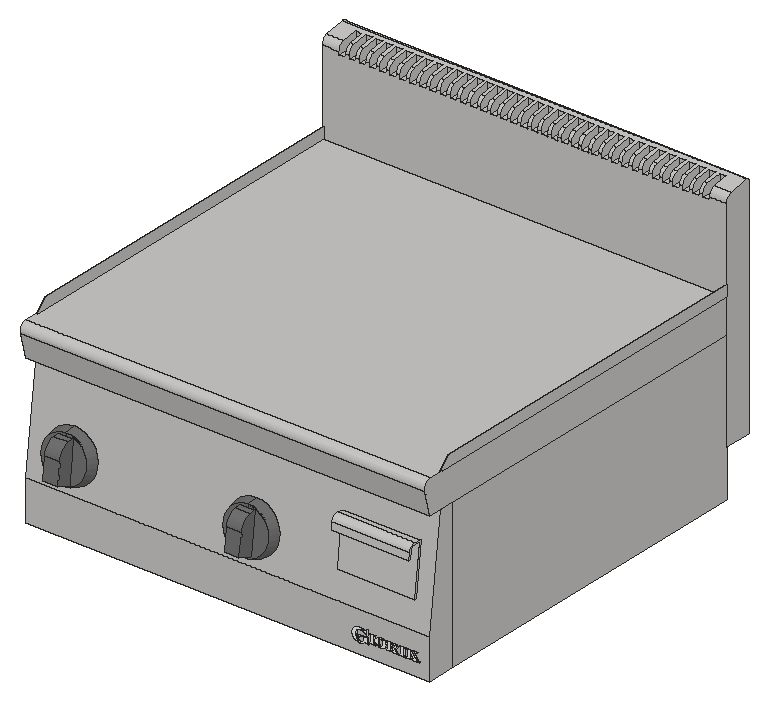
Revit family "QF_GIORIK_LGE6903", category Specialty Equipment, Revit 2014
Parameters (values of type "LGE6903")
  Weight in Pounds = 132.2772
  Watts = 7200 W
  Volts = 400 V
  URL Cutsheet = "www.giorik.com"
  URL = "www.giorik.com"
  Status [instance] = ""
  Specification by User [instance] = ""
  Specification by Manufacturer = ""
  Show Logo [instance] = yes
  Show Clearance [instance] = yes
  Serial Number = ""
  Seismic Rating = ""
  SMACNA No = ""
  Revision Code [instance] = ""
  Phase = 3
  Number of Poles [instance] = 3
  NAFEM Spec ID Number = ""
  Model = "LGE6903"
  Min Ckt Ampacity = 0 A
  Max Overcurrent Protection = 0 A
  Masterspec = ""
  Manufacturer = "GIORIK"
  Item Number [instance] = ""
  Installed By [instance] = ""
  Identify Quantity as Lot [instance] = no
  HP = "9.655344000000"
  Furnished By [instance] = ""
  Foodservice Equipment Identifier [instance] = yes
  FL Amps = 0 A
  Electrical Remarks [instance] = ""
  Electric Connection Type [instance] = ""
  Elec Conn RI Height [instance] = 0 mm
  Elec Conn Connection Height [instance] = 45 mm
  Description = "GRIDDLE SMOOTH"
  Cycle = 50 Hz
  Conn Plug = ""
  CSI MasterFormat = ""
  Assembly Code = "E1090320"
  Apparent Power = 7200 VA
Reference planes
  plane 1 "Back": y = 0
  plane 2: z = 0
  plane 3 "Left": x = 0
  plane 4 "Right": x = 600
  plane 5 "Front": y = -600
  plane 6 "Top": z = 430
Forms (mm)
  Extrusion 1, solid
    sketch origin (0, 1000, -580) x (0, 1, 0) y (0, 0, 1)
      loop
        line (-1040.007, 869.975) -> (-1589.445, 869.975)
        arc (-1589.445, 869.975) -> (-1598.171, 865.672) -> (-1600.069, 856.13) r 10.999
        line (-1600.069, 856.13) -> (-1590.388, 820) -> (-1040.007, 820) -> (-1040.007, 869.975)
    from 0 to 600
  Extrusion 2, solid
    sketch origin (0, 0, -560) x (0, 1, 0) y (0, 0, 1)
      loop
        line (-570.06, 849.975) -> (-40.007, 849.975) -> (-40.007, 865.387) -> (-554.648, 865.387) -> (-570.06, 849.975)
    from 0 to 1.85
  Extrusion 3, solid
    sketch origin (0, 0, -560) x (0, 1, 0) y (0, 0, 1)
      loop
        line (-40.007, 800) -> (-550, 800) -> (-550, 580) -> (-40.007, 580) -> (-40.007, 800)
    from 0 to 600
  Extrusion 4, solid
    sketch origin (0, 0, -560) x (0, 1, 0) y (0, 0, 1)
      loop
        line (-550, 800) -> (-570.5, 800) -> (-590, 640) -> (-590, 580) -> (-550, 580) -> (-550, 800)
    from 0 to 600
  Revolve 5, solid
    sketch origin (75.155, 0.456, -560.03) x (0, 1, 0) y (0, 0, 1)
      loop
        line (-598.03, 706.389) -> (-594.27, 737.013) -> (-609.648, 734.852) -> (-613.772, 701.269) -> (-581.482, 697.305) -> (-580.629, 704.252) -> (-598.03, 706.389)
      axis (-581.482, 697.305) -> (-613.772, 701.269)
    angle from 0 to 360
  Extrusion 6, solid
    sketch origin (598.094, 0, -560) x (0, 1, 0) y (0, 0, 1)
      loop
        line (-570.06, 849.975) -> (-40.007, 849.975) -> (-40.007, 865.387) -> (-554.648, 865.387) -> (-570.06, 849.975)
    from -0.15 to 1.906
  Extrusion 7, solid
    sketch origin (0, 0, -560) x (0, 1, 0) y (0, 0, 1)
      loop
        line (-40.007, 974.217) -> (-40.007, 650.827) -> (0, 650.827) -> (0, 988.42)
        arc (0, 988.42) -> (-0.57, 989.648) -> (-1.878, 990) r 1.6
        line (-1.878, 990) -> (-31.072, 984.852)
        arc (-31.072, 984.852) -> (-37.477, 981.162) -> (-40.007, 974.217) r 10.797
    from 0 to 600
  Extrusion 8, solid
    sketch origin (-87.831, 0.456, -560.03) x (0, 1, 0) y (0, 0, 1)
      loop
        line (-635.843, 711.553) -> (-639.647, 680.575) -> (-617.415, 671.593) -> (-610.135, 730.882) -> (-617.934, 729.786)
        arc (-617.934, 729.786) -> (-629.982, 723.708) -> (-635.843, 711.553) r 20.998
    from 151.831 to 173.831
  Revolve 9, solid
    sketch origin (345.155, 0.456, -560.03) x (0, 1, 0) y (0, 0, 1)
      loop
        line (-598.03, 706.389) -> (-594.27, 737.013) -> (-609.648, 734.852) -> (-613.772, 701.269) -> (-581.482, 697.305) -> (-580.629, 704.252) -> (-598.03, 706.389)
      axis (-581.482, 697.305) -> (-613.772, 701.269)
    angle from 0 to 360
  Extrusion 10, solid
    sketch origin (182.169, 0.456, -560.03) x (0, 1, 0) y (0, 0, 1)
      loop
        line (-635.843, 711.553) -> (-639.647, 680.575) -> (-617.415, 671.593) -> (-610.135, 730.882) -> (-617.934, 729.786)
        arc (-617.934, 729.786) -> (-629.982, 723.708) -> (-635.843, 711.553) r 20.998
    from 151.831 to 173.831
  Extrusion 11, solid
    sketch origin (568.319, 0, -561) x (1, 0, 0) y (0, 0, 1)
      loop
        circle (-38.319, 606) r 12.5
    from 20.007 to 40.007
  Extrusion 12, solid, visible <- "Show Logo"
    sketch origin (391.604, -590.5, -6.113) x (-1, 0, 0) y (0, 0, 1)
      loop
        line (-118.824, 58.358) -> (-127.804, 58.358) -> (-125.523, 56.445) -> (-125.523, 48.027) -> (-127.804, 46.113) -> (-118.824, 46.113) -> (-121.105, 48.027) -> (-121.105, 56.445) -> (-118.824, 58.358)
      loop
        line (-163.721, 58.358) -> (-172.7, 58.358) -> (-170.42, 56.445) -> (-170.42, 48.027) -> (-172.7, 46.113) -> (-163.721, 46.113) -> (-166.001, 48.027) -> (-166.001, 56.445) -> (-163.721, 58.358)
      loop
        line (-174.332, 58.358) -> (-183.312, 58.358) -> (-181.031, 56.445) -> (-181.031, 52.435) -> (-186.419, 56.955) -> (-184.416, 58.358) -> (-191.268, 58.358) -> (-188.01, 56.839) -> (-185.455, 54.283) -> (-190.846, 47.858) -> (-193.396, 46.93) -> (-193.396, 46.113) -> (-184.416, 46.113) -> (-185.437, 47.571) -> (-182.443, 51.552) -> (-181.031, 50.894) -> (-181.031, 48.027) -> (-183.312, 46.113) -> (-174.332, 46.113) -> (-176.613, 48.027) -> (-176.613, 56.445) -> (-174.332, 58.358)
      loop
        line (-115.429, 62.063) -> (-115.429, 54.198)
        arc (-115.429, 54.198) -> (-111.618, 57.803) -> (-106.847, 59.986) r 16.039
        arc (-106.847, 59.986) -> (-103.314, 59.837) -> (-100.512, 57.68) r 5.851
        arc (-100.512, 57.68) -> (-98.815, 52.267) -> (-100.512, 46.853) r 9.479
        arc (-100.512, 46.853) -> (-102.406, 44.986) -> (-104.846, 43.93) r 7.236
        arc (-104.846, 43.93) -> (-107.728, 44.111) -> (-110.052, 45.825) r 5.11
        line (-110.052, 45.825) -> (-110.052, 52.001) -> (-116.141, 52.001) -> (-116.141, 45.503) -> (-117.893, 43.751) -> (-114.094, 44.769)
        arc (-114.094, 44.769) -> (-112.56, 44.947) -> (-111.129, 44.366) r 3.115
        arc (-111.129, 44.366) -> (-104.216, 42.091) -> (-97.303, 44.366) r 11.641
        arc (-97.303, 44.366) -> (-93.396, 52.107) -> (-97.303, 59.849) r 9.622
        arc (-97.303, 59.849) -> (-104.369, 62.174) -> (-111.435, 59.849) r 11.898
        line (-111.435, 59.849) -> (-115.429, 62.063)
      loop
        arc (-129.234, 56.068) -> (-135.893, 58.628) -> (-142.552, 56.068) r 9.941
        arc (-142.552, 56.068) -> (-144.234, 52.286) -> (-142.552, 48.505) r 5.093
        arc (-142.552, 48.505) -> (-135.893, 45.945) -> (-129.234, 48.505) r 9.941
        arc (-129.234, 48.505) -> (-127.552, 52.286) -> (-129.234, 56.068) r 5.093
      loop
        arc (-132.628, 54.403) -> (-135.893, 57.668) -> (-139.158, 54.403) r 3.265
        line (-139.158, 54.403) -> (-139.158, 50.169)
        arc (-139.158, 50.169) -> (-135.893, 46.904) -> (-132.628, 50.169) r 3.265
        line (-132.628, 50.169) -> (-132.628, 54.403)
      loop
        arc (-156.363, 58.365) -> (-159.647, 55.081) -> (-156.363, 51.796) r 3.285
        line (-156.363, 51.796) -> (-159.529, 47.306) -> (-162.087, 46.113) -> (-155.847, 46.113) -> (-153.529, 51.083) -> (-150.637, 51.083) -> (-150.637, 47.784) -> (-153.022, 46.113) -> (-144.011, 46.113) -> (-146.094, 47.68) -> (-146.094, 56.493) -> (-144.229, 58.365) -> (-156.363, 58.365)
      loop
        line (-150.637, 57.512) -> (-153.637, 57.512)
        arc (-153.637, 57.512) -> (-156.237, 54.912) -> (-153.637, 52.312) r 2.6
        line (-153.637, 52.312) -> (-150.637, 52.312) -> (-150.637, 57.512)
      loop
        line (-108.924, 52.001) -> (-104.936, 49.005) -> (-100.948, 52.001) -> (-108.924, 52.001)
    from 1.5 to -0.5
  Extrusion 13, void
    sketch origin (10, 0, 430) x (0, 1, 0) y (-1, 0, 0)
      loop
        line (-40.007, -25) -> (-9.931, -25) -> (-9.931, -15) -> (-40.007, -15) -> (-40.007, -25)
      loop
        line (-40.007, -40) -> (-9.931, -40) -> (-9.931, -30) -> (-40.007, -30) -> (-40.007, -40)
      loop
        line (-40.007, -55) -> (-9.931, -55) -> (-9.931, -45) -> (-40.007, -45) -> (-40.007, -55)
      loop
        line (-40.007, -70) -> (-9.931, -70) -> (-9.931, -60) -> (-40.007, -60) -> (-40.007, -70)
      loop
        line (-40.007, -85) -> (-9.931, -85) -> (-9.931, -75) -> (-40.007, -75) -> (-40.007, -85)
      loop
        line (-40.007, -100) -> (-9.931, -100) -> (-9.931, -90) -> (-40.007, -90) -> (-40.007, -100)
      loop
        line (-40.007, -115) -> (-9.931, -115) -> (-9.931, -105) -> (-40.007, -105) -> (-40.007, -115)
      loop
        line (-40.007, -130) -> (-9.931, -130) -> (-9.931, -120) -> (-40.007, -120) -> (-40.007, -130)
      loop
        line (-40.007, -145) -> (-9.931, -145) -> (-9.931, -135) -> (-40.007, -135) -> (-40.007, -145)
      loop
        line (-40.007, -160) -> (-9.931, -160) -> (-9.931, -150) -> (-40.007, -150) -> (-40.007, -160)
      loop
        line (-40.007, -175) -> (-9.931, -175) -> (-9.931, -165) -> (-40.007, -165) -> (-40.007, -175)
      loop
        line (-40.007, -190) -> (-9.931, -190) -> (-9.931, -180) -> (-40.007, -180) -> (-40.007, -190)
      loop
        line (-40.007, -205) -> (-9.931, -205) -> (-9.931, -195) -> (-40.007, -195) -> (-40.007, -205)
      loop
        line (-40.007, -220) -> (-9.931, -220) -> (-9.931, -210) -> (-40.007, -210) -> (-40.007, -220)
      loop
        line (-40.007, -235) -> (-9.931, -235) -> (-9.931, -225) -> (-40.007, -225) -> (-40.007, -235)
      loop
        line (-40.007, -250) -> (-9.931, -250) -> (-9.931, -240) -> (-40.007, -240) -> (-40.007, -250)
      loop
        line (-40.007, -265) -> (-9.931, -265) -> (-9.931, -255) -> (-40.007, -255) -> (-40.007, -265)
      loop
        line (-40.007, -280) -> (-9.931, -280) -> (-9.931, -270) -> (-40.007, -270) -> (-40.007, -280)
      loop
        line (-40.007, -295) -> (-9.931, -295) -> (-9.931, -285) -> (-40.007, -285) -> (-40.007, -295)
      loop
        line (-40.007, -310) -> (-9.931, -310) -> (-9.931, -300) -> (-40.007, -300) -> (-40.007, -310)
      loop
        line (-40.007, -325) -> (-9.931, -325) -> (-9.931, -315) -> (-40.007, -315) -> (-40.007, -325)
      loop
        line (-40.007, -340) -> (-9.931, -340) -> (-9.931, -330) -> (-40.007, -330) -> (-40.007, -340)
      loop
        line (-40.007, -355) -> (-9.931, -355) -> (-9.931, -345) -> (-40.007, -345) -> (-40.007, -355)
      loop
        line (-40.007, -370) -> (-9.931, -370) -> (-9.931, -360) -> (-40.007, -360) -> (-40.007, -370)
      loop
        line (-40.007, -385) -> (-9.931, -385) -> (-9.931, -375) -> (-40.007, -375) -> (-40.007, -385)
      loop
        line (-40.007, -400) -> (-9.931, -400) -> (-9.931, -390) -> (-40.007, -390) -> (-40.007, -400)
      loop
        line (-40.007, -415) -> (-9.931, -415) -> (-9.931, -405) -> (-40.007, -405) -> (-40.007, -415)
      loop
        line (-40.007, -430) -> (-9.931, -430) -> (-9.931, -420) -> (-40.007, -420) -> (-40.007, -430)
      loop
        line (-40.007, -445) -> (-9.931, -445) -> (-9.931, -435) -> (-40.007, -435) -> (-40.007, -445)
      loop
        line (-40.007, -460) -> (-9.931, -460) -> (-9.931, -450) -> (-40.007, -450) -> (-40.007, -460)
      loop
        line (-40.007, -475) -> (-9.931, -475) -> (-9.931, -465) -> (-40.007, -465) -> (-40.007, -475)
      loop
        line (-40.007, -490) -> (-9.931, -490) -> (-9.931, -480) -> (-40.007, -480) -> (-40.007, -490)
      loop
        line (-40.007, -505) -> (-9.931, -505) -> (-9.931, -495) -> (-40.007, -495) -> (-40.007, -505)
      loop
        line (-40.007, -520) -> (-9.931, -520) -> (-9.931, -510) -> (-40.007, -510) -> (-40.007, -520)
      loop
        line (-40.007, -535) -> (-9.931, -535) -> (-9.931, -525) -> (-40.007, -525) -> (-40.007, -535)
      loop
        line (-40.007, -550) -> (-9.931, -550) -> (-9.931, -540) -> (-40.007, -540) -> (-40.007, -550)
      loop
        line (-40.007, -565) -> (-9.931, -565) -> (-9.931, -555) -> (-40.007, -555) -> (-40.007, -565)
    from 0 to -20
  Extrusion 14, solid
    sketch origin (566.603, 15.293, -30) x (0, 1, 0) y (-1, 0, 0)
      loop
        circle (-79.293, 516.603) r 5
    from 41.965 to 50
  Revolve 15, solid
    sketch origin (50, 19.943, -600) x (0, 1, 0) y (0, 0, 1)
      loop
        line (-83.943, 611.965) -> (-94.752, 611.965) -> (-97.943, 600) -> (-83.943, 600) -> (-83.943, 611.965)
      axis (-83.943, 611.965) -> (-83.943, 600)
    angle from 0 to 360
  Extrusion 16, solid
    sketch origin (33.397, 15.293, -30) x (0, 1, 0) y (-1, 0, 0)
      loop
        circle (-79.293, -516.603) r 5
    from 41.965 to 50
  Revolve 17, solid
    sketch origin (550, 19.943, -600) x (0, 1, 0) y (0, 0, -1)
      loop
        line (-83.943, -611.965) -> (-83.943, -600) -> (-97.943, -600) -> (-94.752, -611.965) -> (-83.943, -611.965)
      axis (-83.943, -611.965) -> (-83.943, -600)
    angle from 0 to 360
  Extrusion 18, solid
    sketch origin (566.603, -459.707, -30) x (0, 1, 0) y (-1, 0, 0)
      loop
        circle (-79.293, 516.603) r 5
    from 41.965 to 50
  Revolve 19, solid
    sketch origin (50, -455.057, -600) x (0, 1, 0) y (0, 0, 1)
      loop
        line (-83.943, 611.965) -> (-94.752, 611.965) -> (-97.943, 600) -> (-83.943, 600) -> (-83.943, 611.965)
      axis (-83.943, 611.965) -> (-83.943, 600)
    angle from 0 to 360
  Extrusion 20, solid
    sketch origin (33.397, -459.707, -30) x (0, 1, 0) y (-1, 0, 0)
      loop
        circle (-79.293, -516.603) r 5
    from 41.965 to 50
  Revolve 21, solid
    sketch origin (550, -455.057, -600) x (0, 1, 0) y (0, 0, -1)
      loop
        line (-83.943, -611.965) -> (-83.943, -600) -> (-97.943, -600) -> (-94.752, -611.965) -> (-83.943, -611.965)
      axis (-83.943, -611.965) -> (-83.943, -600)
    angle from 0 to 360
  Extrusion 22, solid
    sketch origin (322.5, -693.34, -437.283) x (0, 0.992655, -0.12098) y (0, 0.12098, 0.992655)
      loop
        line (40, 640.1) -> (30, 640.1)
        arc (30, 640.1) -> (22.929, 637.171) -> (20, 630.1) r 10
        line (20, 630.1) -> (20, 620.1) -> (22, 620.1) -> (22, 630.1)
        arc (22, 630.1) -> (24.343, 635.757) -> (30, 638.1) r 8
        line (30, 638.1) -> (38, 638.1) -> (38, 565.1) -> (40, 565.1) -> (40, 640.1)
    from 137.5 to 252.5
Cuts and joins
  Extrusion 13 cuts Extrusion 7
Lines and regions (mm)
  symbolic lines, style "200-EquipBorder-2D"
    curve 1: line (600, 0, 0) -> (0, 0, 0)
    curve 2: line (0, 0, 0) -> (0, -600, 0)
    curve 119: line (600, -600, 430) -> (600, 0, 430)
    curve 120: line (0, -600, 430) -> (600, -600, 430)
    curve 121: spline (64, -617.202, 990) -> (60.789, -617.041, 990) -> (57.73, -616.841, 990) -> (54.856, -616.604, 990) -> (52.196, -616.332, 990) -> (49.779, -616.028, 990) -> (47.63, -615.696, 990) -> (45.772, -615.338, 990) -> (44.225, -614.96, 990) -> (43.004, -614.563, 990) -> (42.122, -614.154, 990) -> (41.59, -613.736, 990) -> (41.412, -613.313, 990)
    curve 122: spline (109.073, -613.408, 990) -> (108.819, -613.826, 990) -> (108.218, -614.239, 990) -> (107.275, -614.643, 990) -> (106.001, -615.033, 990) -> (104.408, -615.405, 990) -> (102.513, -615.755, 990) -> (100.336, -616.08, 990) -> (97.898, -616.376, 990) -> (95.227, -616.641, 990) -> (92.348, -616.871, 990) -> (89.293, -617.065, 990) -> (86.091, -617.219, 990)
    curve 123: line (41.412, -613.313, 990) -> (37.735, -600, 990)
    curve 124: line (109.073, -613.408, 990) -> (112.578, -600, 990)
    curve 125: line (64, -639.19, 430) -> (64, -609.679, 430)
    curve 126: line (64, -639.19, 430) -> (86, -639.19, 430)
    curve 127: line (86, -639.19, 430) -> (86, -609.679, 430)
    curve 128: spline (41.412, -613.313, 430) -> (42.564, -612.264, 430) -> (45.941, -611.286, 430) -> (51.314, -610.446, 430) -> (58.316, -609.802, 430) -> (66.47, -609.396, 430) -> (75.22, -609.258, 430) -> (83.97, -609.396, 430) -> (92.124, -609.802, 430) -> (99.126, -610.446, 430) -> (104.499, -611.286, 430) -> (107.877, -612.264, 430) -> (109.029, -613.313, 430)
    curve 129: line (64, -609.679, 430) -> (86, -609.679, 430)
    curve 130: spline (334, -617.202, 990) -> (330.789, -617.041, 990) -> (327.73, -616.841, 990) -> (324.856, -616.604, 990) -> (322.196, -616.332, 990) -> (319.779, -616.028, 990) -> (317.63, -615.696, 990) -> (315.772, -615.338, 990) -> (314.225, -614.96, 990) -> (313.004, -614.563, 990) -> (312.122, -614.154, 990) -> (311.59, -613.736, 990) -> (311.412, -613.313, 990)
    curve 131: spline (379.073, -613.408, 990) -> (378.819, -613.826, 990) -> (378.218, -614.239, 990) -> (377.275, -614.643, 990) -> (376.001, -615.033, 990) -> (374.408, -615.405, 990) -> (372.513, -615.755, 990) -> (370.336, -616.08, 990) -> (367.898, -616.376, 990) -> (365.227, -616.641, 990) -> (362.348, -616.871, 990) -> (359.293, -617.065, 990) -> (356.091, -617.219, 990)
    curve 132: line (311.412, -613.313, 990) -> (307.735, -600, 990)
    curve 133: line (379.073, -613.408, 990) -> (382.578, -600, 990)
    curve 134: line (334, -639.19, 430) -> (334, -609.679, 430)
    curve 135: line (334, -639.19, 430) -> (356, -639.19, 430)
    curve 136: line (356, -639.19, 430) -> (356, -609.679, 430)
    curve 137: spline (311.412, -613.313, 430) -> (312.564, -612.264, 430) -> (315.941, -611.286, 430) -> (321.314, -610.446, 430) -> (328.316, -609.802, 430) -> (336.47, -609.396, 430) -> (345.22, -609.258, 430) -> (353.97, -609.396, 430) -> (362.124, -609.802, 430) -> (369.126, -610.446, 430) -> (374.499, -611.286, 430) -> (377.877, -612.264, 430) -> (379.029, -613.313, 430)
    curve 138: line (334, -609.679, 430) -> (356, -609.679, 430)
  symbolic lines, style "200-EquipInternal-2D"
    curve 3: line (600, -40.007, 430) -> (0, -40.007, 430)
    curve 4: line (597.944, -570.06, 430) -> (600, -570.06, 430)
    curve 5: line (597.944, -40.007, 430) -> (597.944, -570.06, 430)
    curve 6: line (0, -570.06, 430) -> (1.85, -570.06, 430)
    curve 7: line (1.85, -570.06, 430) -> (1.85, -40.007, 430)
    curve 8: line (25, -9.931, 290) -> (25, -40.007, 290)
    curve 9: line (35, -40.007, 290) -> (35, -9.931, 290)
    curve 10: line (40, -9.931, 290) -> (40, -40.007, 290)
    curve 11: line (50, -40.007, 290) -> (50, -9.931, 290)
    curve 12: line (55, -9.931, 290) -> (55, -40.007, 290)
    curve 13: line (65, -40.007, 290) -> (65, -9.931, 290)
    curve 14: line (85, -9.931, 290) -> (85, -40.007, 290)
    curve 15: line (95, -40.007, 290) -> (95, -9.931, 290)
    curve 16: line (100, -9.931, 290) -> (100, -40.007, 290)
    curve 17: line (110, -40.007, 290) -> (110, -9.931, 290)
    curve 18: line (140, -40.007, 290) -> (140, -9.931, 290)
    curve 19: line (130, -9.931, 290) -> (130, -40.007, 290)
    curve 20: line (155, -40.007, 290) -> (155, -9.931, 290)
    curve 21: line (160, -9.931, 290) -> (160, -40.007, 290)
    curve 22: line (170, -40.007, 290) -> (170, -9.931, 290)
    curve 23: line (145, -9.931, 290) -> (145, -40.007, 290)
    curve 24: line (200, -40.007, 290) -> (200, -9.931, 290)
    curve 25: line (190, -9.931, 290) -> (190, -40.007, 290)
    curve 26: line (205, -9.931, 290) -> (205, -40.007, 290)
    curve 27: line (215, -40.007, 290) -> (215, -9.931, 290)
    curve 28: line (220, -9.931, 290) -> (220, -40.007, 290)
    curve 29: line (230, -40.007, 290) -> (230, -9.931, 290)
    curve 30: line (250, -9.931, 290) -> (250, -40.007, 290)
    curve 31: line (260, -40.007, 290) -> (260, -9.931, 290)
    curve 32: line (265, -9.931, 290) -> (265, -40.007, 290)
    curve 33: line (275, -40.007, 290) -> (275, -9.931, 290)
    curve 34: line (280, -9.931, 290) -> (280, -40.007, 290)
    curve 35: line (290, -40.007, 290) -> (290, -9.931, 290)
    curve 36: line (320, -40.007, 290) -> (320, -9.931, 290)
    curve 37: line (310, -9.931, 290) -> (310, -40.007, 290)
    curve 38: line (335, -40.007, 290) -> (335, -9.931, 290)
    curve 39: line (325, -9.931, 290) -> (325, -40.007, 290)
    curve 40: line (340, -9.931, 290) -> (340, -40.007, 290)
    curve 41: line (350, -40.007, 290) -> (350, -9.931, 290)
    curve 42: line (370, -9.931, 290) -> (370, -40.007, 290)
    curve 43: line (380, -40.007, 290) -> (380, -9.931, 290)
    curve 44: line (385, -9.931, 290) -> (385, -40.007, 290)
    curve 45: line (395, -9.931, 290) -> (385, -9.931, 290)
    curve 46: line (380, -9.931, 290) -> (370, -9.931, 290)
    curve 47: line (350, -9.931, 290) -> (340, -9.931, 290)
    curve 48: line (335, -9.931, 290) -> (325, -9.931, 290)
    curve 49: line (320, -9.931, 290) -> (310, -9.931, 290)
    curve 50: line (275, -9.931, 290) -> (265, -9.931, 290)
    curve 51: line (110, -9.931, 290) -> (100, -9.931, 290)
    curve 52: line (95, -9.931, 290) -> (85, -9.931, 290)
    curve 53: line (65, -9.931, 290) -> (55, -9.931, 290)
    curve 54: line (35, -9.931, 290) -> (25, -9.931, 290)
    curve 55: line (140, -9.931, 290) -> (130, -9.931, 290)
    curve 56: line (155, -9.931, 290) -> (145, -9.931, 290)
    curve 57: line (170, -9.931, 290) -> (160, -9.931, 290)
    curve 58: line (200, -9.931, 290) -> (190, -9.931, 290)
    curve 59: line (215, -9.931, 290) -> (205, -9.931, 290)
    curve 60: line (230, -9.931, 290) -> (220, -9.931, 290)
    curve 61: line (260, -9.931, 290) -> (250, -9.931, 290)
    curve 62: line (50, -9.931, 290) -> (40, -9.931, 290)
    curve 63: line (70, -9.931, 430) -> (70, -40.007, 430)
    curve 64: line (80, -40.007, 430) -> (80, -9.931, 430)
    curve 65: line (80, -9.931, 430) -> (70, -9.931, 430)
    curve 66: line (115, -9.931, 430) -> (115, -40.007, 430)
    curve 67: line (125, -40.007, 430) -> (125, -9.931, 430)
    curve 68: line (125, -9.931, 430) -> (115, -9.931, 430)
    curve 69: line (175, -9.931, 430) -> (175, -40.007, 430)
    curve 70: line (185, -40.007, 430) -> (185, -9.931, 430)
    curve 71: line (185, -9.931, 430) -> (175, -9.931, 430)
    curve 72: line (235, -9.931, 430) -> (235, -40.007, 430)
    curve 73: line (245, -40.007, 430) -> (245, -9.931, 430)
    curve 74: line (245, -9.931, 430) -> (235, -9.931, 430)
    curve 75: line (290, -9.931, 430) -> (280, -9.931, 430)
    curve 76: line (305, -9.931, 430) -> (295, -9.931, 430)
    curve 77: line (295, -9.931, 430) -> (295, -40.007, 430)
    curve 78: line (305, -40.007, 430) -> (305, -9.931, 430)
    curve 79: line (355, -9.931, 430) -> (355, -40.007, 430)
    curve 80: line (365, -40.007, 430) -> (365, -9.931, 430)
    curve 81: line (365, -9.931, 430) -> (355, -9.931, 430)
    curve 82: line (395, -40.007, 430) -> (395, -9.931, 430)
    curve 83: line (400, -9.931, 430) -> (400, -40.007, 430)
    curve 84: line (410, -40.007, 430) -> (410, -9.931, 430)
    curve 85: line (410, -9.931, 430) -> (400, -9.931, 430)
    curve 86: line (425, -9.931, 430) -> (415, -9.931, 430)
    curve 87: line (415, -9.931, 430) -> (415, -40.007, 430)
    curve 88: line (425, -40.007, 430) -> (425, -9.931, 430)
    curve 89: line (430, -9.931, 430) -> (430, -40.007, 430)
    curve 90: line (440, -40.007, 430) -> (440, -9.931, 430)
    curve 91: line (440, -9.931, 430) -> (430, -9.931, 430)
    curve 92: line (445, -9.931, 430) -> (445, -40.007, 430)
    curve 93: line (455, -40.007, 430) -> (455, -9.931, 430)
    curve 94: line (460, -9.931, 430) -> (460, -40.007, 430)
    curve 95: line (470, -40.007, 430) -> (470, -9.931, 430)
    curve 96: line (475, -9.931, 430) -> (475, -40.007, 430)
    curve 97: line (485, -40.007, 430) -> (485, -9.931, 430)
    curve 98: line (490, -9.931, 430) -> (490, -40.007, 430)
    curve 99: line (500, -40.007, 430) -> (500, -9.931, 430)
    curve 100: line (505, -9.931, 430) -> (505, -40.007, 430)
    curve 101: line (515, -40.007, 430) -> (515, -9.931, 430)
    curve 102: line (520, -9.931, 430) -> (520, -40.007, 430)
    curve 103: line (530, -40.007, 430) -> (530, -9.931, 430)
    curve 104: line (535, -9.931, 430) -> (535, -40.007, 430)
    curve 105: line (545, -40.007, 430) -> (545, -9.931, 430)
    curve 106: line (550, -9.931, 430) -> (550, -40.007, 430)
    curve 107: line (560, -40.007, 430) -> (560, -9.931, 430)
    curve 108: line (565, -9.931, 430) -> (565, -40.007, 430)
    curve 109: line (455, -9.931, 430) -> (445, -9.931, 430)
    curve 110: line (470, -9.931, 430) -> (460, -9.931, 430)
    curve 111: line (485, -9.931, 430) -> (475, -9.931, 430)
    curve 112: line (500, -9.931, 430) -> (490, -9.931, 430)
    curve 113: line (515, -9.931, 430) -> (505, -9.931, 430)
    curve 114: line (530, -9.931, 430) -> (520, -9.931, 430)
    curve 115: line (545, -9.931, 430) -> (535, -9.931, 430)
    curve 116: line (560, -9.931, 430) -> (550, -9.931, 430)
    curve 117: line (575, -9.931, 430) -> (565, -9.931, 430)
    curve 118: line (575, -40.007, 430) -> (575, -9.931, 430)
Dimensions and locks
  plane 3 "Left" to plane 4 "Right" = 600 mm
  plane 5 "Front" to plane 1 "Back" = 600 mm
  plane 4 "Right" to plane 3 "Left" = 600 mm
  plane 1 "Back" to plane 5 "Front" = 600 mm
  plane 6 "Top" to level = 430 mm  (x2)
  aligned and locked: level to plane 2
Connectors
  electrical at (530, -20.007, 45), driven by "Apparent Power", driven by "Volts", driven by "Number of Poles"
    settings: on Extrusion 11, index 1, voltage 400 V, apparent load 0 VA, apparent load phase1 7200 VA, apparent load phase2 0 VA, apparent load phase3 0 VA, power factor 1, load classification "Other", number of poles 3, system type 31, power factor state 1, is connector primary yes, connector utility no, sub classification motor no, connector description "Electrical connection"
